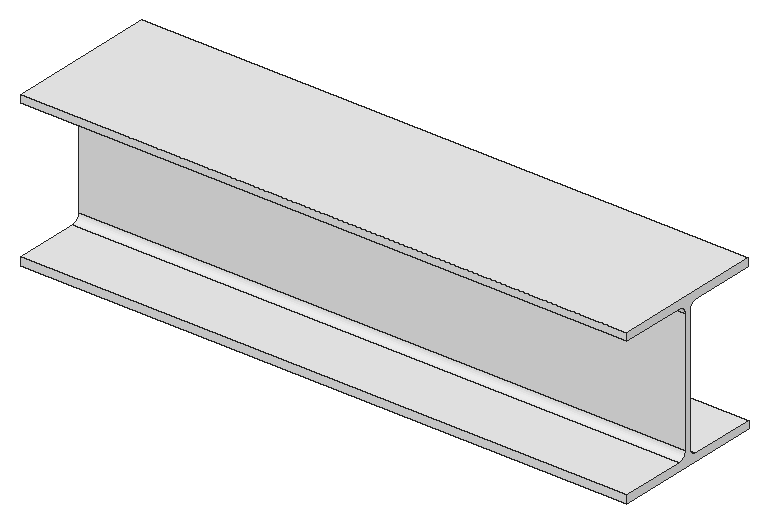
Revit family
Parameters (values of type "UC305x305x97")
  Start Extension Calculation [instance] = 3012.5 mm + Start Extension  # 3000 mm
  Start Extension [instance] = -12.5 mm
  End Extension Calculation [instance] = 3012.5 mm + End Extension  # 3000 mm
  End Extension [instance] = -12.5 mm
  Beam Material [instance] = Metal - Steel - 345 MPa
  Assembly Code = ""
  A = 0.012 m²
  Length [instance] = 1500 mm
  W = 0.95026
  bf = 304.8 mm
  d = 307.8 mm
  k = 30.6 mm
  kr = k - tf  # 15.2 mm
  tf = 15.4 mm
  tw = 9.9 mm
Reference planes
  plane 1 "Center (Front/Back)": y = 0
  plane 2: z = 0
  plane 3 "Center (Left/Right)": x = 4.61
  plane 4 "Member Left": x = -604.99
  plane 5 "Member Right": x = 614.21
  plane 6: y = 152.4
  plane 7: y = -152.4
  plane 8 "Top": z = 153.9
  plane 9: z = -153.9
  plane 10 "Right": x = 766.61
  plane 11 "Left": x = -733.39
  plane 12: x = -604.99
  plane 13: x = 614.21
  plane 14: x = 2395.01
  plane 15: x = -2385.79
Forms (mm)
  Sweep 1, solid, material "Metal - Steel - 345 MPa" <- "Beam Material", detail levels fine
    path origin (0, 0, 0) x (1, 0, 0) y (0, 1, 0)
      loop
        line (614.21, 0) -> (-604.99, 0)
    profile "M_HP-Bearing Pile-Profile-Fine : M_HP-Bearing Pile-Profile-Fine" origin (4.61, 0, 0) x (0, -1, 0) y (0, 0, 1)
      loop
        line (-152.4, -153.9) -> (152.4, -153.9) -> (152.4, -138.5) -> (20.15, -138.5)
        arc (20.15, -138.5) -> (9.402, -134.048) -> (4.95, -123.3) r 15.2
        line (4.95, -123.3) -> (4.95, 123.3)
        arc (4.95, 123.3) -> (9.402, 134.048) -> (20.15, 138.5) r 15.2
        line (20.15, 138.5) -> (152.4, 138.5) -> (152.4, 153.9) -> (-152.4, 153.9) -> (-152.4, 138.5) -> (-20.15, 138.5)
        arc (-20.15, 138.5) -> (-9.402, 134.048) -> (-4.95, 123.3) r 15.2
        line (-4.95, 123.3) -> (-4.95, -123.3)
        arc (-4.95, -123.3) -> (-9.402, -134.048) -> (-20.15, -138.5) r 15.2
        line (-20.15, -138.5) -> (-152.4, -138.5) -> (-152.4, -153.9)
  Sweep 2, solid, material "Metal - Steel - 345 MPa" <- "Beam Material", detail levels medium
    path origin (0, 0, 0) x (1, 0, 0) y (0, 1, 0)
      loop
        line (614.21, 0) -> (-604.99, 0)
    profile "M_HP-Bearing Pile-Profile-Medium : M_HP-Bearing Pile-Profile-Medium" origin (4.61, 0, 0) x (0, -1, 0) y (0, 0, 1)
      loop
        line (-152.4, -153.9) -> (152.4, -153.9) -> (152.4, -138.5) -> (4.95, -138.5) -> (4.95, 138.5) -> (152.4, 138.5) -> (152.4, 153.9) -> (-152.4, 153.9) -> (-152.4, 138.5) -> (-4.95, 138.5) -> (-4.95, -138.5) -> (-152.4, -138.5) -> (-152.4, -153.9)
Lines and regions (mm)
  symbolic lines, style "Hidden Faces", detail levels medium+fine
    curve 1: line (614.21, -6.5, 0) -> (-604.99, -6.5, 0)
    curve 2: line (614.21, 6.5, 0) -> (-604.99, 6.5, 0)
  symbolic lines, style "Stick Symbols", detail levels coarse
    curve 3: line (4.61, 152.4, 153.9) -> (4.61, -152.4, 153.9)
    curve 4: line (4.61, -152.4, -153.9) -> (4.61, 152.4, -153.9)
    curve 5: line (4.61, 0, -153.9) -> (4.61, 0, 153.9)
Dimensions and locks
  "bf": plane 6 to plane 7
  "d": plane 9 to plane 8 "Top"
  equal spacing: plane 9, plane 2, plane 8 "Top"
  equal spacing: plane 6, plane 1 "Center (Front/Back)", plane 7
  "Length": plane 11 "Left" to plane 10 "Right"
  locked: plane 4 "Member Left" to plane 14 at 3000
  locked: plane 15 to plane 5 "Member Right" at 3000
  "Start Extension Calculation": plane 12 to plane 14
  "End Extension Calculation": plane 15 to plane 13
  aligned and locked: Sweep 1 sketch curve to plane 1 "Center (Front/Back)"
  aligned and locked: Sweep 2 sketch curve to plane 1 "Center (Front/Back)"
  aligned and locked: Sweep 2 to curve 3  (x2)
  aligned and locked: Sweep 2 to curve 4  (x2)
  aligned and locked: curve 3 to Sweep 2
  aligned and locked: curve 4 to Sweep 2
  aligned and locked: plane 12 to Sweep 2 sketch curve
  aligned and locked: plane 13 to Sweep 2 sketch curve
  aligned and locked: plane 12 to Sweep 1 sketch curve
  aligned and locked: plane 13 to Sweep 1 sketch curve
  aligned and locked: plane 12 to curve 1
  aligned and locked: plane 12 to curve 2
  aligned and locked: plane 13 to curve 1
  aligned and locked: plane 13 to curve 2
Automatic sketch dimensions
  plane 1 "Center (Front/Back)" to curve 1 = 6.5 mm
  curve 2 to plane 1 "Center (Front/Back)" = 6.5 mm
  curve 5 to plane 1 "Center (Front/Back)" = 0 mm
